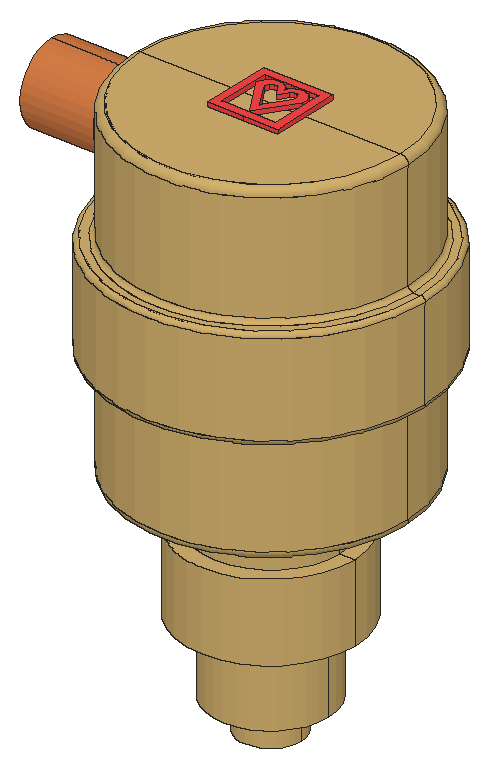
Revit family "Воздухоудалитель с функцией выпуска воздуха с обратным клапаном 2630 11 (12)", category Rohrzubehör, Revit 2020
Family settings
  Bemaßung runder Anschluss = Durchmesser verwenden
  Teiletyp = Normal
  OmniClass-Nummer = 23.65.55.14
  OmniClass-Titel = Valves for Liquid Services
  Arbeitsebenenbasiert = Nein
  Immer vertikal = Ja
  Beim Laden mit Abzugskörper schneiden = Nein
  Gemeinsam genutzt = Nein
Parameters
  Поплавок = "Полипропилен"  # constant formula
  Номер заказа [instance] = if(Nennweite = 10.000 mm, 1263011, if(Nennweite = 15.000 mm, 1263012, 0))  # 1263012
  Vorgabe-Ansicht = 0.000 mm
  SW = 11.000 mm  # constant formula
  SCRNSEQ = "AWI;AWI_TYP=\"1013\";1"
  SCRNCODE = "05;14;01"  # constant formula
  S05 = 19.000 mm  # constant formula
  S04 = 16.500 mm  # constant formula
  S03 = 24.500 mm  # constant formula
  S02 = 11.000 mm  # constant formula
  S01 = 56.000 mm  # constant formula
  Обратный клапан = "Латунь CW617N, EN 12165"  # constant formula
  Мин. рабочая температура = 0 °C  # constant formula
  Макс. давление на корпусе = 1000000.0 Pa  # constant formula
  Макс. рабочая температура = 110 °C  # constant formula
  URL = "www.herz-armaturen.ru"
  R02 = 0.600 mm  # constant formula
  R01 = 1.000 mm  # constant formula
  Nennweite [instance] = 15.000 mm
  Среда = "Качество  теплоносителя в соответствии с ÖNORM H5195 и/или предписаниями VDI-Standard 2035.\nРазрешается использование смеси этилен или пропиленгликоля в соотношении 25-50% с водой. Прокладки EPDM могут быть подвержены воздействию минеральных смазочных масел, что может служить причиной выхода из строя данных уплотнений. Пожалуйста, обратитесь к документации производителя, при использовании этиленгликоля и пропиленгликоля в целях защиты от замерзания."
  Макс. рабочее давление = 1000000.0 Pa  # constant formula
  L04 = L02 - L03  # 18.800 mm
  L03 = 9.500 mm  # constant formula
  L02 = 28.300 mm  # constant formula
  L01 = 4.000 mm  # constant formula
  Hersteller = "Herz-Armaturen GmbH"  # constant formula
  H11 = 10.000 mm  # constant formula
  H10 = 2.500 mm  # constant formula
  H09 [instance] = if(Nennweite = 10.000 mm, 30.000 mm, 26.000 mm)  # 26.000 mm
  H08 = H00 - 1.000 mm  # 55.000 mm
  H07 = H00 - 7.500 mm  # 48.500 mm
  H06 = 2.500 mm  # constant formula
  H05 = 9.000 mm  # constant formula
  H04 = 14.500 mm  # constant formula
  H03 = 15.500 mm  # constant formula
  H02 = 13.000 mm  # constant formula
  H01 = 9.500 mm  # constant formula
  H00 = 56.000 mm  # constant formula
  Корпус = "штампованная латунь в соответствии с EN 12165, CW617N"  # constant formula
  G1 [instance] = Nennweite / 2  # 7.500 mm
  G = 5.000 mm  # constant formula
  Уплотнение = "EPDM"  # constant formula
  Крышка корпуса = "штампованная латунь в соответствии с EN 12165, CW617N"  # constant formula
  D08 = 4.000 mm  # constant formula
  D07 = 9.000 mm  # constant formula
  D06 = 3.400 mm  # constant formula
  D05 = 5.100 mm  # constant formula
  D04 = 12.500 mm  # constant formula
  D03 = 11.000 mm  # constant formula
  D02 = 20.000 mm  # constant formula
  D01 = 17.800 mm  # constant formula
  Наружная резьба подключения = "в соответствии с ISO 228"  # constant formula
  Область применения = "Воздухоотводчик используется для удаления воздуха в системах отопления и холодоснабжения. Клапаны должны быть размещены рядом с котлом или же в самых высоких точках системы, чтобы обеспечить удаление воздуха из системы."
  Колпачок = "ABS пластик, цвет красный"  # constant formula
Reference planes
  plane 1 "Mitte (Vorne/hinten)": y = 0
  plane 2: z = 0
  plane 3 "Mitte (Links/rechts)": x = 0
Forms (mm)
  Revolve 1, solid, material "Messing", detail levels fine
    sketch origin (0, 0, 0) x (1, 0, 0) y (0, 0, 1)
      loop
        line (0, 56) -> (-16.8, 56)
        arc (-16.8, 56) -> (-17.507, 55.707) -> (-17.8, 55) r 1
        line (-17.8, 55) -> (-17.8, 41.1)
        arc (-17.8, 41.1) -> (-17.976, 40.676) -> (-18.4, 40.5) r 0.6
        line (-18.4, 40.5) -> (-19.4, 40.5)
        arc (-19.4, 40.5) -> (-19.824, 40.324) -> (-20, 39.9) r 0.6
        line (-20, 39.9) -> (-20, 28.1)
        arc (-20, 28.1) -> (-19.824, 27.676) -> (-19.4, 27.5) r 0.6
        line (-19.4, 27.5) -> (-18.4, 27.5)
        arc (-18.4, 27.5) -> (-17.976, 27.324) -> (-17.8, 26.9) r 0.6
        line (-17.8, 26.9) -> (-17.8, 14)
        arc (-17.8, 14) -> (-17.507, 13.293) -> (-16.8, 13) r 1
        line (-16.8, 13) -> (-13.8, 13) -> (-9, 9.5) -> (-5, 9.5) -> (-5, 0) -> (0, 0) -> (0, 56)
      axis (0, 56) -> (0, 0)
    angle from 0 to 360
  Revolve 2, solid, material "Messing", detail levels fine
    sketch origin (0, 0, 0) x (1, 0, 0) y (0, 0, 1)
      loop
        line (0, 48.5) -> (0, 51.9) -> (-18.8, 51.9) -> (-18.8, 48.5) -> (0, 48.5)
      axis (-18.8, 48.5) -> (0, 48.5)
    angle from 0 to 360
  Revolve 3, solid, material "Kunststoff-Orange", detail levels fine
    sketch origin (0, 0, 0) x (1, 0, 0) y (0, 0, 1)
      loop
        line (-28.3, 48.5) -> (-18.8, 48.5) -> (-18.8, 53.6) -> (-28.3, 53.6) -> (-28.3, 48.5)
      axis (-28.3, 48.5) -> (-18.8, 48.5)
    angle from 0 to 360
  Revolve 4, solid, material "Messing", detail levels fine
    sketch origin (0, 0, 0) x (1, 0, 0) y (0, 0, 1)
      loop
        line (-5, 9.5) -> (-9, 9.5) -> (-9, 7) -> (-11, 7) -> (-11, -3) -> (-7.5, -3) -> (-7.5, -12.5) -> (-4, -12.5) -> (-4, -16.5) -> (0, -16.5) -> (0, 0) -> (-5, 0) -> (-5, 9.5)
      axis (0, 9.5) -> (0, -16.5)
    angle from 0 to 360
Lines and regions (mm)
  model lines, detail levels coarse+medium
    curve 1: line (0, 0, 56) -> (-12.587, 0, 43.413)
    curve 2: line (0, 0, 56) -> (12.587, 0, 43.413)
    curve 3: circle (0, 0, 31.5) r 11 normal (0, -1, 0)
    curve 4: line (0, 0, 42.5) -> (0, 0, 56)
    curve 5: line (0, 0, 20.5) -> (0, 0, 0)
    curve 6: line (-9.5, 0, 0) -> (9.5, 0, 0)
    curve 7: line (9.5, 0, 0) -> (-8.886, 0, -16.5)
    curve 8: line (-8.886, 0, -16.5) -> (10.114, 0, -16.5)
    curve 9: circle (-8.886, 0, -16.5) r 5 normal (0, -1, 0)
    curve 10: line (0, 0, 56) -> (0, -12.587, 43.413)
    curve 11: line (0, 0, 56) -> (0, 12.587, 43.413)
    curve 12: circle (0, 0, 31.5) r 11 normal (1, 0, 0)
    curve 13: line (0, -9.5, 0) -> (0, 9.5, 0)
    curve 14: line (0, 9.5, 0) -> (0, -9.5, -16.5)
    curve 15: line (0, -9.5, -16.5) -> (0, 9.5, -16.5)
    curve 16: circle (0, -9.5, -16.5) r 5 normal (1, 0, 0)
    curve 17: line (0, 56, 0) -> (-12.587, 43.413, 0)
    curve 18: line (-12.587, 43.413, 0) -> (0, 56, 0)
    curve 19: line (0, 56, 0) -> (12.587, 43.413, 0)
    curve 20: circle (0, 31.5, 0) r 11 normal (0, 0, 1)
    curve 21: line (0, 42.5, 0) -> (0, 56, 0)
    curve 22: line (0, 20.5, 0) -> (0, 0, 0)
    curve 23: line (-9.5, 0, 0) -> (9.5, 0, 0)
    curve 24: line (9.5, 0, 0) -> (-9.5, -16.5, 0)
    curve 25: line (-9.5, -16.5, 0) -> (9.5, -16.5, 0)
    curve 26: circle (-9.5, -16.5, 0) r 5 normal (0, 0, 1)
Dimensions and locks
  "H02": Revolve 1 sketch curve to Revolve 1 sketch curve
  "H03": Revolve 1 sketch curve to Revolve 1 sketch curve
  "H04": Revolve 1 sketch curve to Revolve 1 sketch curve
  "L01": Revolve 1 sketch curve to Revolve 1 sketch curve  (x2)
  "D01": Revolve 1 sketch curve to Revolve 1 sketch curve  (x2)
  "D02": Revolve 1 sketch curve to Revolve 1 sketch curve
  "H07": Revolve 2 sketch curve to plane 2
  "D06": Revolve 2 sketch curve to Revolve 2 sketch curve
  "L02": plane 3 "Mitte (Links/rechts)" to Revolve 3 sketch curve
  "L03": Revolve 3 sketch curve to Revolve 3 sketch curve
  "D05": Revolve 3 sketch curve to Revolve 3 sketch curve
  "H07": Revolve 3 sketch curve to plane 2
  "L04": plane 3 "Mitte (Links/rechts)" to Revolve 2 sketch curve
  "H08": nested 1 to plane 2
  "G": Revolve 1 sketch curve to Revolve 1 sketch curve
  "H00": Revolve 1 sketch curve to Revolve 1 sketch curve
  "H01": Revolve 1 sketch curve to Revolve 1 sketch curve
  "G1": Revolve 4 sketch curve to Revolve 4 sketch curve
  "D07": Revolve 4 sketch curve to Revolve 4 sketch curve
  "D08": Revolve 4 sketch curve to Revolve 4 sketch curve
  "H09": Revolve 4 sketch curve to Revolve 4 sketch curve
  "H01": Revolve 4 sketch curve to Revolve 4 sketch curve  (x2)
  "H10": Revolve 4 sketch curve to Revolve 4 sketch curve
  "H11": Revolve 4 sketch curve to Revolve 4 sketch curve
  "SW": Revolve 4 sketch curve to Revolve 4 sketch curve
  "G": Revolve 4 sketch curve to Revolve 4 sketch curve
  "S01": curve 4 to plane 2
  "D01": curve 1 to curve 1
  "D01": curve 2 to curve 2
  "S03": curve 4 to curve 3
  "S05": curve 6 to curve 7
  "S05": curve 8 to curve 8
  "S04": curve 6 to curve 8
  "S01": curve 11 to plane 2
  "D01": curve 10 to curve 10
  "D01": curve 11 to curve 11
  "S03": curve 11 to curve 12
  "S04": curve 15 to curve 13
  "S05": curve 13 to curve 14
  "S05": curve 15 to curve 15
  "S01": plane 1 "Mitte (Vorne/hinten)" to curve 19
  "S03": curve 19 to curve 20
  "D01": curve 18 to curve 18
  "D01": curve 19 to curve 19
  "S05": curve 23 to curve 24
  "S05": curve 25 to curve 24
  "S04": curve 25 to curve 23
  "R01": radius of Revolve 1 sketch curve  (x2)
  "R02": radius of Revolve 1 sketch curve  (x4)
  "S02": radius of curve 3
  "S02": radius of curve 12
  "S02": radius of curve 20
  angle curve 1 to curve 4 = 45.00°
  angle curve 4 to curve 2 = 45.00°
  angle curve 10 to plane 1 "Mitte (Vorne/hinten)" = 45.00°
  angle plane 1 "Mitte (Vorne/hinten)" to curve 11 = 45.00°
  angle curve 18 to curve 21 = 45.00°
  angle curve 21 to curve 19 = 45.00°
  aligned and locked: level to plane 2
Automatic sketch dimensions
  curve 13 to level = 0.000 mm
  curve 10 to plane 1 "Mitte (Vorne/hinten)" = 0.000 mm
  curve 12 to plane 1 "Mitte (Vorne/hinten)" = 0.000 mm
  plane 1 "Mitte (Vorne/hinten)" to curve 14 = 9.500 mm
  curve 16 to curve 14 = 0.000 mm  (x2)
  curve 13 to plane 1 "Mitte (Vorne/hinten)" = 9.500 mm
  curve 6 to level = 0.000 mm
  curve 4 to plane 3 "Mitte (Links/rechts)" = 0.000 mm
  curve 5 to plane 3 "Mitte (Links/rechts)" = 0.000 mm
  curve 3 to plane 3 "Mitte (Links/rechts)" = 0.000 mm
  curve 9 to plane 3 "Mitte (Links/rechts)" = 8.886 mm
  curve 8 to curve 9 = 0.000 mm
  plane 3 "Mitte (Links/rechts)" to curve 6 = 9.500 mm
  curve 9 to curve 7 = 0.000 mm
  plane 1 "Mitte (Vorne/hinten)" to curve 23 = 0.000 mm
  curve 21 to plane 3 "Mitte (Links/rechts)" = 0.000 mm
  curve 22 to plane 3 "Mitte (Links/rechts)" = 0.000 mm
  curve 20 to plane 3 "Mitte (Links/rechts)" = 0.000 mm
  curve 26 to plane 3 "Mitte (Links/rechts)" = 9.500 mm
  curve 24 to curve 26 = 0.000 mm
  curve 22 to curve 23 = 9.500 mm
  curve 26 to curve 24 = 0.000 mm
  Revolve 1 sketch curve to level = 0.000 mm
  Revolve 1 sketch curve to plane 3 "Mitte (Links/rechts)" = 0.000 mm
  plane 3 "Mitte (Links/rechts)" to Revolve 1 sketch curve = 0.000 mm
  Revolve 1 sketch curve to Revolve 1 sketch curve = 2000.000 mm
  Revolve 1 sketch curve to Revolve 1 sketch curve = 1932.500 mm
  Revolve 2 sketch curve to plane 3 "Mitte (Links/rechts)" = 0.000 mm  (x2)
  Revolve 2 sketch curve to Revolve 2 sketch curve = 0.000 mm  (x2)
  Revolve 3 sketch curve to Revolve 3 sketch curve = 0.000 mm  (x3)
  Revolve 4 sketch curve to level = 0.000 mm
  Revolve 4 sketch curve to plane 3 "Mitte (Links/rechts)" = 0.000 mm  (x2)
  Revolve 4 sketch curve to Revolve 4 sketch curve = 340.545 mm
  Revolve 4 sketch curve to Revolve 4 sketch curve = 2204.815 mm
  radius of curve 16 = 5.000 mm
  radius of curve 9 = 5.000 mm
  radius of curve 26 = 5.000 mm
Nested families
  nested 1: "Herz-Logo" at (0, 0, 55), type "Herz-Logo", detail levels fine
Connectors
  piping at (0, 0, -12.5), diameter 15, driven by "Nennweite"
    settings: on Revolve 4, index 1, connector inside diameter 609.6 mm, connector length 0.000 mm, flow factor 0, pipe flow 0.0 L/s, pressure drop 0.0 Pa, fitting loss kfactor 0, connector angle 0.00°, fixture units 0, engagement length 0.000 mm, angle of deflection 0.00°, flow configuration 0, flow direction 0, fitting loss method 0, system type 7, joint type 0, gender type 0, connector reference index -1, connector utility 0, adjustable connector no, is connector primary yes, connector description ""
Definition of nested family "Herz-Logo"
  Parameters (values of type "Herz-Logo")
    Default Elevation = 0.000 mm
  Reference planes
    plane 1 "Mitte (Vorne/hinten)": y = 0
    plane 2: z = 0
    plane 3 "Mitte (Links/rechts)": x = 0
  Forms (mm)
    Extrusion 1, solid
      sketch origin (0, 0, 0) x (1, 0, 0) y (0, 1, 0)
        loop
          line (-0.018, -4.517) -> (4.482, -4.517) -> (4.482, 4.483) -> (-4.518, 4.483) -> (-4.518, -4.517) -> (-0.018, -4.517)
        loop
          line (-0.05, -3.48) -> (3.482, -3.48) -> (3.482, 3.483) -> (-3.518, 3.483) -> (-3.518, -3.48) -> (-0.05, -3.48)
        loop
          arc (-0.018, 2.383) -> (-1.543, 3.287) -> (-3.067, 2.383) r 1.738
          arc (-3.067, 2.383) -> (-3.191, 1.899) -> (-3.067, 1.415) r 1.009
          line (-3.067, 1.415) -> (-0.018, -3.281) -> (3.032, 1.415)
          arc (3.032, 1.415) -> (3.156, 1.899) -> (3.032, 2.383) r 1.009
          arc (3.032, 2.383) -> (1.507, 3.287) -> (-0.018, 2.383) r 1.738
        loop
          arc (1.885, 1.272) -> (2.005, 1.675) -> (1.885, 2.079) r 0.74
          arc (1.885, 2.079) -> (1.265, 2.416) -> (0.644, 2.079) r 0.74
          line (0.644, 2.079) -> (-0.018, 0.97) -> (-0.679, 2.079)
          arc (-0.679, 2.079) -> (-1.3, 2.416) -> (-1.921, 2.079) r 0.74
          arc (-1.921, 2.079) -> (-2.04, 1.675) -> (-1.921, 1.272) r 0.74
          line (-1.921, 1.272) -> (-0.018, -1.658) -> (1.885, 1.272)
      from 0 to 1.5
  Dimensions and locks
    aligned and locked: level to plane 2
